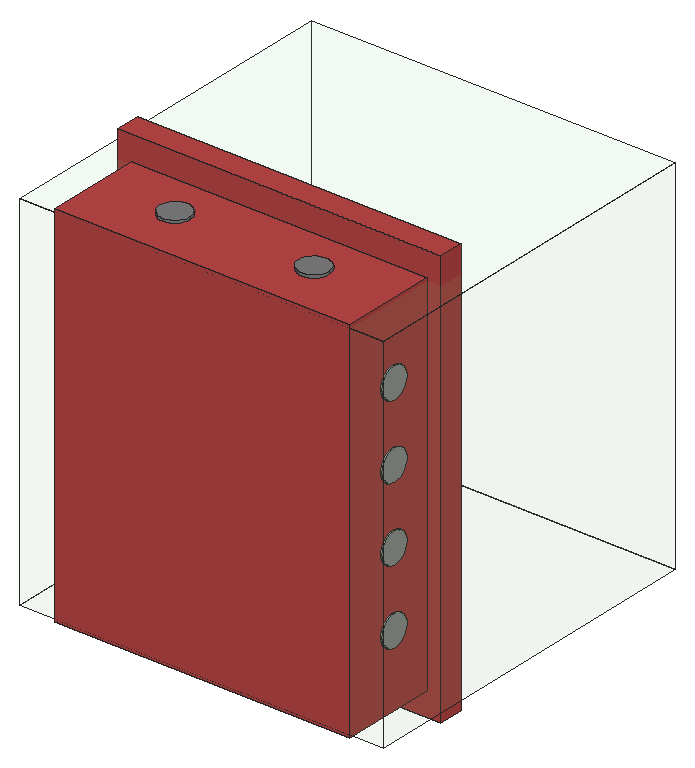
Revit family "ZETA_Коробка_Клемная_КЗНС-48", category Электрические приборы, Revit 2021
Family settings
  Сохранять ориентацию аннотаций = Нет
  Размер круглого соединителя = Использовать диаметр
  Тип детали = Нормальный
  На основе рабочей плоскости = Нет
  Всегда вертикально = Да
  При загрузке вырезать с полостями = Нет
  Общий = Нет
  Точка принадлежности помещению = Да
Parameters (values of type "48_IP54")
  Угол_Размещение [instance] = if(Потолочное размещение, -90.00°, 0.00°)  # 0.00°
  УГО_Смещение_Y [instance] = 0 mm
  УГО_Смещение_X [instance] = 0 mm
  УГО_Длина = 10 mm
  УГО_Высота = 5 mm
  Описание = "Коробки клеммные с наборными зажимами КЗНС с латунными кабельными\r\nвводами применяются для соединения и разветвления вторичных и силовых\r\nэлектрических цепей, выполняемых контрольными кабелями с числом жил до 52 и\r\nсиловыми кабелями с алюминиевыми или медными жилами сечением 1,5—4 мм2."
  Использовать масштаб аннотаций = 0
  Температура эксплуатации = "от -40 до +60 °С"  # constant formula
  Сечение жил = "до 4 мм2"  # constant formula
  Сертификат = "RU C-RU.АД84.В.00192/20"  # constant formula
  Потолочное размещение [instance] = no
  Питание через наконечники [instance] = yes
  Отверстие2_Привязка = 35 mm
  Отверстие1_Привязка = 35 mm
  Номинальный ток = "до 25А"  # constant formula
  Номинал MCB [instance] = 1 A
  МеталическаяЗаглушка_Привязка = 100 mm
  Материал корпуса = Zeta_Сталь оцинкованная
  Маркировка типоразмера = ""
  Марка = "1"
  КрышкаОснование_Ширина = ADSK_Размер_Ширина * 0.74286  # 197.6 mm
  КрышкаОснование_Длина = ADSK_Размер_Длина * 0.7907  # 272.791 mm
  КрышкаВерх_Ширина = ADSK_Размер_Ширина * 0.51429  # 136.8 mm
  КрышкаВерх_Длина = ADSK_Размер_Длина * 0.60465  # 208.605 mm
  Крышка_Ширина = ADSK_Размер_Ширина * 2.292  # 609.672 mm
  Крышка_Длина = ADSK_Размер_Длина * 2.6791  # 924.279 mm
  Крышка_Высота = 16 mm
  Крепления_Ширина = ADSK_Размер_Ширина * 0.33143  # 88.16 mm
  Крепления_Длина = ADSK_Размер_Длина * 1.1116  # 383.512 mm
  Корпус_Ширина = ADSK_Размер_Ширина * 0.89143  # 237.12 mm
  Корпус_Длина = ADSK_Размер_Длина * 0.91163  # 314.512 mm
  Корпус_Высота = 71 mm
  Комментарии = ""
  Количество зажимов = 10  # constant formula
  Климатическое исполнение = "У2"
  Изображение = 0
  Изготовитель = "АО «ЗЭТА»"  # constant formula
  Изготавливается по = "ТУ 27.33.13.120-047-99856433-2020"  # constant formula
  Отметка по умолчанию = 0 mm
  Активные наконечники [instance] = yes
  URL = "https://nzeta.ru/"
  D3 = 40 mm
  D2 = 32 mm
  D1 = 25 mm
  В_УГО_Смещение_Y [instance] = УГО_Смещение_Y + 2000 mm  # 2000 mm
  В_УГО_Смещение_X [instance] = УГО_Смещение_X + 2000 mm  # 2000 mm
  ADSK_Ток = 0 A
  ADSK_Степень защиты_IP = "IP54"
  ADSK_Размер_Ширина = 266 mm
  ADSK_Размер_УголПоворота [instance] = Угол_Размещение  # 0.00°
  ADSK_Размер_Длина = 345 mm
  ADSK_Размер_Высота = 106 mm
  ADSK_Примечание [instance] = ""
  ADSK_Полная мощность = 0 VA
  ADSK_Позиция на схеме [instance] = ""
  ADSK_Позиция [instance] = ""
  ADSK_Обозначение = "KK"  # constant formula
  ADSK_Номинальная мощность = 0 W
  ADSK_Номер стояка = ""
  ADSK_Напряжение = 230 V
  ADSK_Наименование краткое = "КЗНС-48"  # constant formula
  ADSK_Наименование = "Коробка с зажимами наборными КЗНС-48 У2 IP54 пластиковый ввод ГОФРОМАТИК"
  ADSK_Материал наименование = "Сталь оцинкованная"  # constant formula
  ADSK_Масса_Текст = "4.9"
  ADSK_Масса = 4.9
  ADSK_Марка = "КК КЗНС-48 У2 IP54"
  ADSK_Коэффициент мощности = 1
  ADSK_Количество фаз числовое = 1
  ADSK_Количество фаз = 1
  ADSK_Количество = 1  # constant formula
  ADSK_Код изделия = "zeta30358"
  ADSK_Классификация нагрузок = Прочее
  ADSK_Завод-изготовитель = "АО «ЗЭТА»"  # constant formula
  ADSK_Единица измерения = "шт"  # constant formula
  ADSK_Версия семейства = "v.1"  # constant formula
  ADSK_Версия Revit = "2021"  # constant formula
  ADSK_URL страницы изделия = "https://nzeta.ru/catalog/?q=zeta30358"
  ADSK_URL документации изделия = "https://nzeta.ru/upload/uf/382/q9uo9y7ey92gepgz36lqj6r1a9hbqpd0/passport.pdf"
Types (2, lengths in mm): name | Климатическое исполнение | ADSK_Степень защиты_IP | ADSK_Наименование | ADSK_Масса_Текст | ADSK_Масса | ADSK_Марка | ADSK_Код изделия | ADSK_URL страницы изделия | ADSK_URL документации изделия
  48_IP54 | "У2" | "IP54" | "Коробка с зажимами наборными КЗНС-48 У2 IP54 пластиковый ввод ГОФРОМАТИК" | "4.9" | 4.9 | "КК КЗНС-48 У2 IP54" | "zeta30358" | "https://nzeta.ru/catalog/?q=zeta30358" | "https://nzeta.ru/upload/uf/382/q9uo9y7ey92gepgz36lqj6r1a9hbqpd0/passport.pdf"
  48_IP65 | "УХЛ1,5" | "IP65" | "Коробка с зажимами наборными КЗНС-48 УХЛ1,5  IP65  латунный ввод ГОФРОМАТИК" | "5.42" | 5.42 | "КК КЗНС-32 УХЛ1,5 IP65" | "zeta30350" | "https://nzeta.ru/catalog/?q=zeta30350" | "https://nzeta.ru/upload/uf/443/uat11az3ko5nsjnhbhasbqeettl4f1eu/passport.pdf"
Reference planes
  plane 1 "Center (Front/Back)": y = 0
  plane 2: z = 0
  plane 3 "Center (Left/Right)": x = 0
  plane 4: x = -2000
  plane 5: y = -2000
  plane 6: x = 0
  plane 7: y = 0
Lines and regions (mm)
  reference lines
    curve 1: line (0, 0, 0) -> (0, 640, 0)
    curve 2: line (0, 0, 0) -> (0, 0, 500)
Dimensions and locks
  "В_УГО_Смещение_Y": plane 7 to plane 5
  "В_УГО_Смещение_X": plane 4 to plane 6
  locked: curve 2 to curve 1 (angle 90.00°)
  "Угол_Размещение": angle curve 2 to plane 1 "Center (Front/Back)"
  aligned and locked: level to plane 2
  aligned and locked: plane 1 "Center (Front/Back)" to curve 1
  aligned and locked: level to curve 1
  aligned and locked: plane 6 to nested 2
  aligned and locked: nested 2 to plane 7
Nested families
  nested 1: "ZETA_Коробка_Клемная_КЗНА-32_IP43_Геометрия" at (0, 0, 0) x (0, 0, 1) z (0, 1, 0), Image <- "Изображение", Comments <- "Комментарии", Mark <- "Марка", type "КЗНА-32", detail levels medium+fine
  nested 2: "УГО_Клеменная_Коробка_(GenAnn)" at (0, 0, 0), УГО_Высота <- "УГО_Высота", УГО_Длина <- "УГО_Длина", ADSK_Степень защиты_IP <- "ADSK_Степень защиты_IP", ADSK_Обозначение <- "ADSK_Обозначение", type "УГО_Клеменная_Коробка_(GenAnn)", detail levels coarse+medium
    with УГО_Длина 10 mm, УГО_Высота 5 mm, ADSK_Степень защиты_IP "IP54", ADSK_Обозначение "KK"
  nested 3: "Zeta_Зона обслуживания" at (0, 0, 0) x (-1, 0, 0) z (0, 0, -1), type "Зона обслуживания_Куб", detail levels medium+fine
    with Зона обслуживания_Ширина 300 mm, Зона обслуживания_Длина 300 mm, Зона обслуживания_Высота 300 mm
Connectors
  electrical at (0, 0, 0), driven by "ADSK_Количество фаз", driven by "ADSK_Классификация нагрузок", driven by "ADSK_Напряжение", driven by "ADSK_Полная мощность", driven by "ADSK_Коэффициент мощности"
    settings: on nested 1, index 15, voltage 230 V, apparent load 0 VA, apparent load phase1 0 VA, apparent load phase2 0 VA, apparent load phase3 0 VA, power factor 1, load classification "Прочее", number of poles 1, system type 30, power factor state 1, is connector primary yes, connector utility no, sub classification motor no, connector description ""
  cabletrayconduit at (123.524, 43.588, 91.442), diameter 25, driven by "D1"
    settings: on nested 1, index 16, connector width 300 mm, connector height 300 mm, connector angle 0.00°, system type 32, placement type 0, profile type 0, connector reference index -1, is primary connector yes, connector utility param no, connector description ""
  cabletrayconduit at (123.524, 43.588, 30.481), diameter 25, driven by "D1"
    settings: on nested 1, index 17, connector width 300 mm, connector height 300 mm, connector angle 0.00°, system type 32, placement type 0, profile type 0, connector reference index -1, is primary connector no, connector utility param no, connector description ""
  cabletrayconduit at (123.524, 43.588, -30.481), diameter 25, driven by "D1"
    settings: on nested 1, index 18, connector width 300 mm, connector height 300 mm, connector angle 0.00°, system type 32, placement type 0, profile type 0, connector reference index -1, is primary connector no, connector utility param no, connector description ""
  cabletrayconduit at (123.524, 43.588, -91.442), diameter 25, driven by "D1"
    settings: on nested 1, index 19, connector width 300 mm, connector height 300 mm, connector angle 0.00°, system type 32, placement type 0, profile type 0, connector reference index -1, is primary connector no, connector utility param no, connector description ""
  cabletrayconduit at (-57.269, 43.588, 154.404), diameter 25, driven by "D1"
    settings: on nested 1, index 20, connector width 300 mm, connector height 300 mm, connector angle 0.00°, system type 32, placement type 0, profile type 0, connector reference index -1, is primary connector no, connector utility param no, connector description ""
  cabletrayconduit at (57.269, 43.588, 154.404), diameter 25, driven by "D1"
    settings: on nested 1, index 21, connector width 300 mm, connector height 300 mm, connector angle 0.00°, system type 32, placement type 0, profile type 0, connector reference index -1, is primary connector no, connector utility param no, connector description ""
  cabletrayconduit at (-57.269, 43.588, -154.404), diameter 25, driven by "D1"
    settings: on nested 1, index 22, connector width 300 mm, connector height 300 mm, connector angle 0.00°, system type 32, placement type 0, profile type 0, connector reference index -1, is primary connector no, connector utility param no, connector description ""
  cabletrayconduit at (57.269, 43.588, -154.404), diameter 25, driven by "D1"
    settings: on nested 1, index 23, connector width 300 mm, connector height 300 mm, connector angle 0.00°, system type 32, placement type 0, profile type 0, connector reference index -1, is primary connector no, connector utility param no, connector description ""
  cabletrayconduit at (-123.595, 43.588, 91.442), diameter 32, driven by "D2"
    settings: on nested 1, index 24, connector width 300 mm, connector height 300 mm, connector angle 0.00°, system type 32, placement type 0, profile type 0, connector reference index -1, is primary connector no, connector utility param no, connector description ""
  cabletrayconduit at (-123.595, 43.588, -30.481), diameter 32, driven by "D2"
    settings: on nested 1, index 25, connector width 300 mm, connector height 300 mm, connector angle 0.00°, system type 32, placement type 0, profile type 0, connector reference index -1, is primary connector no, connector utility param no, connector description ""
  cabletrayconduit at (-123.595, 43.588, -91.442), diameter 32, driven by "D2"
    settings: on nested 1, index 26, connector width 300 mm, connector height 300 mm, connector angle 0.00°, system type 32, placement type 0, profile type 0, connector reference index -1, is primary connector no, connector utility param no, connector description ""
  cabletrayconduit at (-123.595, 43.588, 30.481), diameter 40, driven by "D3"
    settings: on nested 1, index 27, connector width 300 mm, connector height 300 mm, connector angle 0.00°, system type 32, placement type 0, profile type 0, connector reference index -1, is primary connector no, connector utility param no, connector description ""
Definition of nested family "ZETA_Коробка_Клемная_КЗНА-32_IP43_Геометрия"
  Parameters (values of type "КЗНА-32")
    Привязки_Штуцер = 177.786 mm
    Default Elevation = 1219.2 mm
    Основание_Ширина = ADSK_Размер_Ширина * 0.9142  # 243.177 mm
    Основание_Длина = ADSK_Размер_Длина * 0.8835  # 304.808 mm
    Manufacturer = "АО \"ЗЭТАРУС\""
    D4 = 40 mm
    D3 = 20 mm
    D2 = 32 mm
    D1 = 25 mm
    ADSK_Размер_Ширина = 266 mm
    ADSK_Размер_Длина = 345 mm
    ADSK_Размер_Высота = 107 mm
  Reference planes
    plane 1 "По центру (Вперед/Назад)": y = 0
    plane 2: z = 0
    plane 3 "По центру (Влево/Вправо)": x = 0
    plane 4: x = -152.404
    plane 5: x = 152.404
    plane 6: y = -121.589
    plane 7: y = 121.589
    plane 8: x = -172.5
    plane 9: y = -133
    plane 10: x = 172.5
    plane 11: y = 133
    plane 12: z = 107
    plane 13: z = 79.822
    plane 14: y = -57.269
    plane 15: y = 57.269
    plane 16: z = 43.588
    plane 17: y = -123.595
    plane 18: y = 123.524
    plane 19: x = -30.481
    plane 20: x = -91.442
    plane 21: x = 30.481
    plane 22: x = 91.442
    plane 23: x = 154.404
  Forms (mm)
    Extrusion 1, solid
      sketch origin (0, 0, 0) x (1, 0, 0) y (0, 1, 0)
        loop
          line (-152.404, 121.589) -> (-152.404, -121.589) -> (152.404, -121.589) -> (152.404, 121.589) -> (-152.404, 121.589)
      from 0 to 79.822
    Extrusion 2, solid
      sketch origin (0, 0, 0) x (1, 0, 0) y (0, 1, 0)
        loop
          line (-172.5, 133) -> (-172.5, -133) -> (172.5, -133) -> (172.5, 133) -> (-172.5, 133)
      from 100 to 79.822
    Extrusion 3, solid
      sketch origin (0, 0, 0) x (1, 0, 0) y (0, 0, 1)
        loop
          circle (-91.442, 43.588) r 16
      from 121.589 to 123.595
    Extrusion 4, solid
      sketch origin (43.5, 0, 0) x (1, 0, 0) y (0, 0, 1)
        loop
          circle (-73.981, 43.588) r 16
      from 123.595 to 121.589
    Extrusion 5, solid
      sketch origin (117, 0, 0) x (1, 0, 0) y (0, 0, 1)
        loop
          circle (-86.519, 43.588) r 20
      from 123.595 to 121.589
    Extrusion 6, solid
      sketch origin (85.899, 167.006, 14.478) x (1, 0, 0) y (0, 0, 1)
        loop
          circle (-116.38, 29.11) r 12.5
      from 43.482 to 45.417
    Extrusion 7, solid
      sketch origin (26.528, 167.006, 14.478) x (1, 0, 0) y (0, 0, 1)
        loop
          circle (-117.97, 29.11) r 12.5
      from 43.482 to 45.417
    Extrusion 8, solid
      sketch origin (142.642, 206.667, 14.478) x (1, 0, 0) y (0, 0, 1)
        loop
          circle (-112.162, 29.11) r 12.5
      from 85.079 to 83.144
    Extrusion 9, solid
      sketch origin (197.414, 210.537, 14.478) x (1, 0, 0) y (0, 0, 1)
        loop
          circle (-105.972, 29.11) r 12.5
      from 87.014 to 88.949
    Extrusion 10, solid
      sketch origin (177.962, 0, 0) x (1, 0, 0) y (0, 0, 1)
        loop
          circle (-86.519, 43.588) r 16
      from 123.595 to 121.589
    Extrusion 11, solid
      sketch origin (152.404, 121.589, 0) x (0, -1, 0) y (0, 0, -1)
        loop
          circle (178.857, -43.588) r 12.5
      from 0 to 2
    Extrusion 12, solid
      sketch origin (152.404, 236.126, 0) x (0, -1, 0) y (0, 0, -1)
        loop
          circle (178.857, -43.588) r 12.5
      from 0 to 2
    Extrusion 13, solid
      sketch origin (-154.404, 236.126, 0) x (0, -1, 0) y (0, 0, -1)
        loop
          circle (178.857, -43.588) r 12.5
      from 0 to 2
    Extrusion 14, solid
      sketch origin (-154.404, 121.589, 0) x (0, -1, 0) y (0, 0, -1)
        loop
          circle (178.857, -43.588) r 12.5
      from 0 to 2
  Dimensions and locks
    equal spacing: plane 4, plane 3 "По центру (Влево/Вправо)", plane 5
    equal spacing: plane 7, plane 1 "По центру (Вперед/Назад)", plane 6
    "Основание_Ширина": plane 7 to plane 6
    "Основание_Длина": plane 4 to plane 5
    equal spacing: plane 11, plane 1 "По центру (Вперед/Назад)", plane 9
    equal spacing: plane 8, plane 3 "По центру (Влево/Вправо)", plane 10
    "ADSK_Размер_Ширина": plane 11 to plane 9
    "ADSK_Размер_Длина": plane 8 to plane 10
    "ADSK_Размер_Высота": plane 12 to level
    locked: plane 6 to plane 17 at 2.006
    locked: plane 18 to plane 7 at 1.935
    equal spacing: plane 4, plane 20, plane 19, plane 21, plane 22, plane 5
    equal spacing: plane 15, plane 1 "По центру (Вперед/Назад)", plane 14
    plane 5 to plane 23 = 2 mm
    "D2": diameter of Extrusion 3 sketch curve
    "D2": diameter of Extrusion 4 sketch curve
    "D4": diameter of Extrusion 5 sketch curve
    "D1": diameter of Extrusion 6 sketch curve
    "D1": diameter of Extrusion 7 sketch curve
    "D1": diameter of Extrusion 8 sketch curve
    "D1": diameter of Extrusion 9 sketch curve
    "D2": diameter of Extrusion 10 sketch curve
    "D1": diameter of Extrusion 11 sketch curve
    "D1": diameter of Extrusion 12 sketch curve
    "D1": diameter of Extrusion 13 sketch curve
    "D1": diameter of Extrusion 14 sketch curve
    aligned and locked: level to plane 2
    aligned and locked: Extrusion 1 sketch curve to plane 7
    aligned and locked: plane 4 to Extrusion 1 sketch curve
    aligned and locked: plane 6 to Extrusion 1 sketch curve
    aligned and locked: Extrusion 1 sketch curve to plane 5
    aligned and locked: Extrusion 2 sketch curve to plane 11
    aligned and locked: plane 8 to Extrusion 2 sketch curve
    aligned and locked: plane 9 to Extrusion 2 sketch curve
    aligned and locked: Extrusion 2 sketch curve to plane 10
    aligned and locked: Extrusion 2 to plane 13
    aligned and locked: Extrusion 1 to Extrusion 2
    aligned and locked: plane 16 to Extrusion 3 sketch curve
    aligned and locked: plane 6 to Extrusion 3
    aligned and locked: Extrusion 3 to plane 17
    aligned and locked: plane 18 to Extrusion 6
    aligned and locked: Extrusion 6 to plane 7
    aligned and locked: Extrusion 4 to Extrusion 1
    aligned and locked: Extrusion 4 to plane 17
    aligned and locked: Extrusion 5 to Extrusion 1
    aligned and locked: Extrusion 5 to plane 17
    aligned and locked: plane 16 to Extrusion 5 sketch curve
    aligned and locked: plane 16 to Extrusion 6 sketch curve
    aligned and locked: plane 19 to Extrusion 6 sketch curve
    aligned and locked: plane 7 to Extrusion 7
    aligned and locked: plane 18 to Extrusion 7
    aligned and locked: Extrusion 9 to plane 7
    aligned and locked: plane 18 to Extrusion 9
    aligned and locked: plane 22 to Extrusion 9 sketch curve
    aligned and locked: plane 21 to Extrusion 8 sketch curve
    aligned and locked: plane 20 to Extrusion 7 sketch curve
    aligned and locked: plane 20 to Extrusion 3 sketch curve
    aligned and locked: plane 19 to Extrusion 4 sketch curve
    aligned and locked: plane 21 to Extrusion 5 sketch curve
    aligned and locked: plane 22 to Extrusion 10 sketch curve
    aligned and locked: plane 15 to Extrusion 12 sketch curve
    aligned and locked: plane 23 to Extrusion 12
    aligned and locked: plane 23 to Extrusion 11
  Automatic sketch dimensions
    Extrusion 4 sketch curve to plane 16 = 0 mm
    Extrusion 7 sketch curve to plane 16 = 0 mm
    Extrusion 8 sketch curve to plane 16 = 0 mm
    Extrusion 9 sketch curve to plane 16 = 0 mm
    Extrusion 10 sketch curve to plane 16 = 0 mm
    Extrusion 1 to Extrusion 11 sketch curve = 64.32 mm
    Extrusion 1 to Extrusion 11 sketch curve = 36.234 mm
    Extrusion 1 to Extrusion 12 sketch curve = 36.234 mm
    Extrusion 13 sketch curve to plane 15 = 0 mm
    Extrusion 13 sketch curve to plane 16 = 0 mm
    Extrusion 14 sketch curve to plane 14 = 0 mm
    Extrusion 14 sketch curve to plane 16 = 0 mm
Definition of nested family "Zeta_Зона обслуживания"
  Parameters (values of type "Зона обслуживания_Куб")
    Default Elevation = 1219.2 mm
    Зона обслуживания_Ширина [instance] = 300 mm
    Зона обслуживания_Длина [instance] = 300 mm
    Зона обслуживания_Высота [instance] = 300 mm
  Reference planes
    plane 1 "По центру (Вперед/Назад)": y = 0
    plane 2: z = 0
    plane 3 "По центру (Влево/Вправо)": x = 0
    plane 4: x = -150
    plane 5: x = 150
    plane 6: y = 300
    plane 7: z = 150
    plane 8: z = -150
  Forms (mm)
    Extrusion 1, solid
      sketch origin (0, 0, 0) x (1, 0, 0) y (0, 1, 0)
        loop
          line (-150, 300) -> (-150, 0) -> (150, 0) -> (150, 300) -> (-150, 300)
      from -150 to 150
  Dimensions and locks
    equal spacing: plane 4, plane 3 "По центру (Влево/Вправо)", plane 5
    "Зона обслуживания_Ширина": plane 6 to plane 1 "По центру (Вперед/Назад)"
    "Зона обслуживания_Длина": plane 4 to plane 5
    equal spacing: plane 7, level, plane 8
    "Зона обслуживания_Высота": plane 7 to plane 8
    aligned and locked: level to plane 2
    aligned and locked: Extrusion 1 sketch curve to plane 6
    aligned and locked: plane 4 to Extrusion 1 sketch curve
    aligned and locked: Extrusion 1 sketch curve to plane 5
    aligned and locked: Extrusion 1 to plane 8
    aligned and locked: plane 7 to Extrusion 1
    aligned and locked: plane 1 "По центру (Вперед/Назад)" to Extrusion 1
  Automatic sketch dimensions
    plane 1 "По центру (Вперед/Назад)" to Extrusion 1 sketch curve = 0 mm
Definition of nested family "УГО_Клеменная_Коробка_(GenAnn)"
  Parameters (values of type "УГО_Клеменная_Коробка_(GenAnn)")
    УГО_Длина [instance] = 10 mm
    УГО_Высота [instance] = 5 mm
    ADSK_Степень защиты_IP [instance] = ""
    ADSK_Обозначение [instance] = ""
  Reference planes
    plane 1: y = 0
    plane 2: x = 0
  Lines and regions (mm)
    Filled region 1, type "Filled region 1"
      outline origin (0, 0, 0) x (1, 0, 0) y (0, 1, 0)
        loop
          line (-5, 2.5) -> (-5, -2.5) -> (5, -2.5) -> (5, 2.5) -> (-5, 2.5)
    reference lines
      curve 1: line (-5, 2.5, 0) -> (-5, -2.5, 0)
      curve 2: line (-5, -2.5, 0) -> (5, -2.5, 0)
      curve 3: line (5, 2.5, 0) -> (5, -2.5, 0)
      curve 4: line (-5, 2.5, 0) -> (5, 2.5, 0)
  Text (mm)
    label "KK IP 54" at (0.033, -0.03, 0), shows "ADSK_Обозначение", "ADSK_Степень защиты_IP"
  Dimensions and locks
    equal spacing: curve 1, plane 2, curve 3
    equal spacing: curve 2, plane 1, curve 4
    "УГО_Длина": curve 1 to curve 3
    "УГО_Высота": curve 2 to curve 4
    aligned and locked: Filled region 1 sketch curve to curve 4
    aligned and locked: Filled region 1 sketch curve to curve 1
    aligned and locked: Filled region 1 sketch curve to curve 2
    aligned and locked: Filled region 1 sketch curve to curve 3
